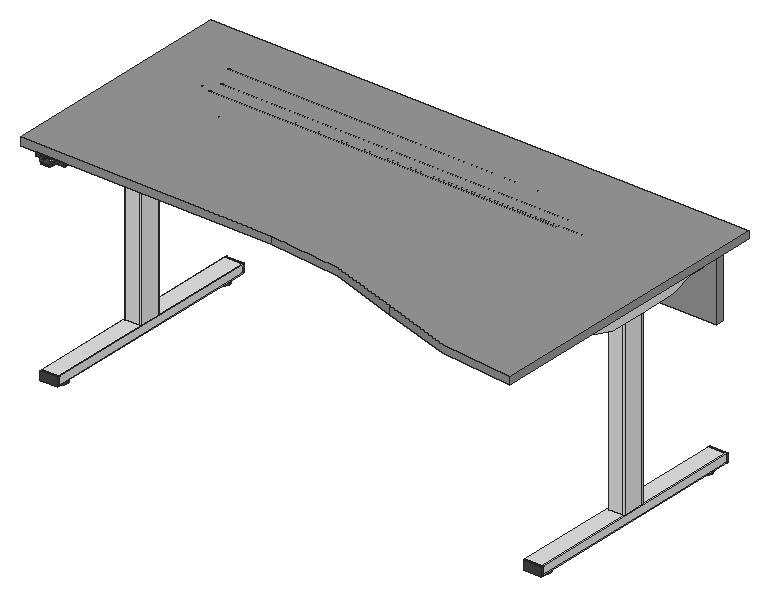
Revit family "Wave Desk - RH", category Furniture, Revit 2016
Family settings
  OmniClass Number = 23.40.20.00
  OmniClass Title = General Furniture and Specialties
  Work Plane-Based = No
  Always vertical = Yes
  Cut with Voids When Loaded = No
  Shared = No
  Room Calculation Point = No
Parameters (values of type "1800 x 800 x 1000 with Modesty Panel & Cable Tray")
  Width = 1800 mm
  URL = "www.gof.co.uk"
  Type Comments = ""
  Range = "RISE LT"
  Product Code = "HDLWR18"
  Modesty Panel Visible = yes
  Modesty Panel = "BTCPW180"
  HeightControl [instance] = if(Height < 720 mm, 720 mm, (if(Height > 1200 mm, 1200 mm, Height)))  # 727 mm
  Height [instance] = 727 mm
  Desktop = Gresham - Midnight Ash
  Model = ""
  Manufacturer = "Gresham Office Furniture"  # constant formula
  Frame = Gresham - Silver Metal
  Foot = Gresham - Black Plastic
  Cable Tray Visible = yes
  Cable Tray = "MECT18"
  Assembly Code = "E2020200"
Reference planes
  plane 1 "Center (Front/Back)": y = 0
  plane 2: z = 0
  plane 3 "Center (Left/Right)": x = 0
  plane 4: x = -900
  plane 5: x = 900
  plane 6 "Desktop Underside": z = 702
  plane 7: y = 400
  plane 8: y = -600
  plane 9 "Foot": z = 15
  plane 10: z = 727
  plane 11: x = 595.86
  plane 12: x = -595.86
  plane 13 "Control": x = 850
  plane 14: y = -400
  plane 15: x = 420
  plane 16: x = -60
  plane 17: x = -850
Forms (mm)
  Extrusion 1, solid
    sketch origin (4.14, -302, 0) x (0, 1, 0) y (0, 0, 1)
      loop
        arc (344.5, 657) -> (346.621, 657.879) -> (347.5, 660) r 3
        line (347.5, 660) -> (347.5, 699)
        arc (347.5, 699) -> (346.621, 701.121) -> (344.5, 702) r 3
        line (344.5, 702) -> (307, 702) -> (307, 700) -> (344.5, 700)
        arc (344.5, 700) -> (345.207, 699.707) -> (345.5, 699) r 1
        line (345.5, 699) -> (345.5, 660)
        arc (345.5, 660) -> (345.207, 659.293) -> (344.5, 659) r 1
        line (344.5, 659) -> (310, 659)
        arc (310, 659) -> (309.293, 659.293) -> (309, 660) r 1
        line (309, 660) -> (309, 667) -> (307, 667) -> (307, 660)
        arc (307, 660) -> (307.879, 657.879) -> (310, 657) r 3
        line (310, 657) -> (344.5, 657)
    from -600 to 591.72
  Extrusion 2, solid, material "Gresham - Midnight Ash" <- "Desktop"
    sketch origin (0, 0, 702) x (1, 0, 0) y (0, 1, 0)
      loop
        line (-900, -400) -> (-60, -400)
        arc (-60, -400) -> (185.162, -425.223) -> (420, -500) r 1200
        arc (420, -500) -> (654.838, -574.777) -> (900, -600) r 1200
        line (900, -600) -> (900, 400) -> (-900, 400) -> (-900, -400)
    from 0 to 25
Dimensions and locks
  equal spacing: plane 4, plane 3 "Center (Left/Right)", plane 5
  "Width": plane 4 to plane 5
  locked: plane 7 to plane 8 at 1000
  locked: plane 2 to plane 9 "Foot" at 15
  "HeightControl": plane 10 to level
  plane 10 to plane 6 "Desktop Underside" = 25 mm
  locked: nested 1 to plane 5 at 60
  locked: plane 7 to nested 1 at 12
  locked: nested 2 to plane 4 at 60
  locked: Extrusion 1 sketch curve to Extrusion 1 sketch curve at 41
  locked: plane 7 to nested 2 at 12
  locked: plane 11 to plane 5 at 304.14
  locked: plane 4 to plane 12 at 304.14
  locked: plane 13 "Control" to plane 5 at 50
  locked: plane 7 to plane 14 at 800
  equal spacing: plane 7, plane 1 "Center (Front/Back)", plane 14
  locked: plane 5 to plane 15 at 480
  locked: plane 15 to plane 16 at 480
  locked: plane 4 to plane 17 at 50
  locked: plane 4 to nested 4 at 87
  locked: plane 4 to nested 5 at 100
  locked: plane 6 "Desktop Underside" to nested 5 at 61.5
  locked: plane 7 to nested 5 at 53.5
  radius of Extrusion 2 sketch curve = 1200 mm  (x2)
  aligned and locked: level to plane 2
  aligned and locked: plane 11 to Extrusion 1
  aligned and locked: plane 12 to Extrusion 1
  aligned and locked: plane 6 "Desktop Underside" to nested 3
  aligned and locked: nested 3 to plane 14
  aligned and locked: Extrusion 2 sketch curve to plane 15  (x2)
  aligned and locked: Extrusion 2 sketch curve to plane 16
  aligned and locked: nested 3 to plane 17
  aligned and locked: plane 6 "Desktop Underside" to nested 4
Automatic sketch dimensions
  Extrusion 1 sketch curve to Extrusion 1 sketch curve = 0 mm  (x6)
  Extrusion 1 sketch curve to plane 6 "Desktop Underside" = 0 mm
  Extrusion 1 sketch curve to plane 1 "Center (Front/Back)" = 5 mm  (x2)
  Extrusion 1 sketch curve to plane 6 "Desktop Underside" = 2 mm
  Extrusion 1 sketch curve to Extrusion 1 sketch curve = 1 mm  (x2)
  Extrusion 1 sketch curve to Extrusion 1 sketch curve = 37.5 mm
  Extrusion 1 sketch curve to Extrusion 1 sketch curve = 34.5 mm
  Extrusion 1 sketch curve to Extrusion 1 sketch curve = 7 mm
  Extrusion 2 sketch curve to plane 4 = 0 mm
  Extrusion 2 sketch curve to plane 5 = 0 mm
  Extrusion 2 sketch curve to plane 7 = 0 mm
  Extrusion 2 sketch curve to plane 14 = 0 mm
  Extrusion 2 sketch curve to plane 8 = 0 mm
Nested families
  nested 1: "Rise LT Leg" at (5, -202, 0), Height <- "HeightControl", type "Rise LT Leg"
    with HeightControl 727 mm, Height 727 mm
  nested 2: "Rise LT Leg" at (-5, -202, 0) x (-1, 0, 0) z (0, 0, 1), Height <- "HeightControl", type "Rise LT Leg"
    with HeightControl 727 mm, Height 727 mm
  nested 3: "Controls" at (-800, -367.5, 690), type "Controls"
  nested 4: "Modesty Panel" at (0, 0, 0), type "Modesty Panel"
    with HeightControl 727 mm, Height 727 mm
  nested 5: "Cable Tray" at (0, 0, 0), Height <- "Height", type "Cable Tray"
    with HeightControl 727 mm, Height 727 mm
Definition of nested family "Rise LT Leg"
  Parameters (values of type "Rise LT Leg")
    Width = 1800 mm
    URL = "www.gof.co.uk"
    Type Comments = ""
    Range = "RISE LT"
    Product Code = ""
    Model = ""
    Manufacturer = "Gresham Office Furniture"  # constant formula
    HeightControl [instance] = if(Height < 720 mm, 720 mm, (if(Height > 1200 mm, 1200 mm, Height)))  # 727 mm
    Height [instance] = 727 mm
    Frame = none
    Foot = none
    Bung = none
    Assembly Code = "E2020200"
  Reference planes
    plane 1 "Center (Front/Back)": y = 200
    plane 2: z = 0
    plane 3 "Center (Left/Right)": x = 0
    plane 4: x = -900
    plane 5: x = 900
    plane 6 "Desktop": z = 727
    plane 7: y = 600
    plane 8: y = -200
    plane 9 "Foot": z = 15
    plane 10 "Desktop Underside": z = 702
    plane 11 "Max Height": z = 1200
    plane 12 "Max Desktop Underside": z = 1175
  Forms (mm)
    Extrusion 1, solid, material <- "Frame"
      sketch origin (0, 0, 727) x (-1, 0, 0) y (0, -1, 0)
        loop
          line (-827.511, -240) -> (-782.511, -240)
          arc (-782.511, -240) -> (-778.976, -238.536) -> (-777.511, -235) r 5
          line (-777.511, -235) -> (-777.511, -165)
          arc (-777.511, -165) -> (-778.976, -161.464) -> (-782.511, -160) r 5
          line (-782.511, -160) -> (-827.511, -160)
          arc (-827.511, -160) -> (-831.047, -161.464) -> (-832.511, -165) r 5
          line (-832.511, -165) -> (-832.511, -235)
          arc (-832.511, -235) -> (-831.047, -238.536) -> (-827.511, -240) r 5
      from -682 to -82
    Extrusion 2, solid, material <- "Frame"
      sketch origin (0, 200, 0) x (1, 0, 0) y (0, 0, 1)
        loop
          line (833, 45) -> (777, 45)
          arc (777, 45) -> (775.586, 44.414) -> (775, 43) r 2
          line (775, 43) -> (775, 17)
          arc (775, 17) -> (775.586, 15.586) -> (777, 15) r 2
          line (777, 15) -> (833, 15)
          arc (833, 15) -> (834.414, 15.586) -> (835, 17) r 2
          line (835, 17) -> (835, 43)
          arc (835, 43) -> (834.414, 44.414) -> (833, 45) r 2
      from -385 to 385
    Extrusion 3, solid, material <- "Frame"
      sketch origin (0, 200, 70) x (1, 0, 0) y (0, 0, 1)
        loop
          line (842.511, 632) -> (590.86, 632) -> (590.86, 617)
          arc (590.86, 617) -> (599.647, 595.787) -> (620.86, 587) r 30
          line (620.86, 587) -> (842.511, 587) -> (842.511, 632)
      from -47.5 to 47.5
    Extrusion 4, solid, material <- "Frame"
      sketch origin (0, 200, 70) x (1, 0, 0) y (0, 0, 1)
        loop
          line (842.511, 632) -> (842.511, 622) -> (844.511, 622) -> (844.511, 630.159) -> (860.511, 630.159) -> (860.511, 579) -> (843.693, 579) -> (843.693, 582.43) -> (841.693, 582.43) -> (841.693, 577) -> (862.511, 577) -> (862.511, 632) -> (842.511, 632)
      from -275 to 275
    Extrusion 5, void
      sketch origin (870.011, 200, 1175) x (0, 0, 1) y (0, 1, 0)
        loop
          line (-528, 0) -> (-528, 125) -> (-483, 275) -> (-473, 275) -> (-473, 333.867) -> (-576.413, 333.867) -> (-576.413, 0) -> (-576.413, -333.867) -> (-473, -333.867) -> (-473, -275) -> (-483, -275) -> (-528, -125) -> (-528, 0)
      from -29.989 to 70.011
    Extrusion 6, solid, material <- "Frame"
      sketch origin (0, 0, 727) x (-1, 0, 0) y (0, -1, 0)
        loop
          line (-827.511, -238) -> (-782.511, -238)
          arc (-782.511, -238) -> (-780.39, -237.121) -> (-779.511, -235) r 3
          line (-779.511, -235) -> (-779.511, -165)
          arc (-779.511, -165) -> (-780.39, -162.879) -> (-782.511, -162) r 3
          line (-782.511, -162) -> (-827.511, -162)
          arc (-827.511, -162) -> (-829.633, -162.879) -> (-830.511, -165) r 3
          line (-830.511, -165) -> (-830.511, -235)
          arc (-830.511, -235) -> (-829.633, -237.121) -> (-827.511, -238) r 3
      from -82 to -70
    Revolve 7, solid, material <- "Foot"
      sketch origin (0, 540, 0) x (1, 0, 0) y (0, 0, 1)
        loop
          line (804.324, 0) -> (824.324, 0) -> (814.324, 15) -> (804.324, 15) -> (804.324, 0)
        axis (804.324, 15) -> (804.324, 0)
      angle from 0 to 360
    Revolve 8, solid, material <- "Foot"
      sketch origin (0, -140, 0) x (1, 0, 0) y (0, 0, -1)
        loop
          line (804.324, 0) -> (804.324, -15) -> (814.324, -15) -> (824.324, 0) -> (804.324, 0)
        axis (804.324, -15) -> (804.324, 0)
      angle from 0 to 360
    Extrusion 9, solid, material <- "Bung"
      sketch origin (0, 201.489, 0) x (1, 0, 0) y (0, 0, 1)
        loop
          line (833, 45) -> (777, 45)
          arc (777, 45) -> (775.586, 44.414) -> (775, 43) r 2
          line (775, 43) -> (775, 17)
          arc (775, 17) -> (775.586, 15.586) -> (777, 15) r 2
          line (777, 15) -> (833, 15)
          arc (833, 15) -> (834.414, 15.586) -> (835, 17) r 2
          line (835, 17) -> (835, 43)
          arc (835, 43) -> (834.414, 44.414) -> (833, 45) r 2
      from 386.489 to 391.489
    Extrusion 10, solid, material <- "Bung"
      sketch origin (0, 198.511, 0) x (1, 0, 0) y (0, 0, -1)
        loop
          arc (833, -45) -> (834.414, -44.414) -> (835, -43) r 2
          line (835, -43) -> (835, -17)
          arc (835, -17) -> (834.414, -15.586) -> (833, -15) r 2
          line (833, -15) -> (777, -15)
          arc (777, -15) -> (775.586, -15.586) -> (775, -17) r 2
          line (775, -17) -> (775, -43)
          arc (775, -43) -> (775.586, -44.414) -> (777, -45) r 2
          line (777, -45) -> (833, -45)
      from 386.489 to 391.489
  Cuts and joins
    Extrusion 5 cuts Extrusion 4
  Dimensions and locks
    equal spacing: plane 4, plane 3 "Center (Left/Right)", plane 5
    "Width": plane 4 to plane 5
    equal spacing: plane 7, plane 1 "Center (Front/Back)", plane 8
    locked: plane 7 to plane 8 at 800
    locked: plane 9 "Foot" to level at 15
    locked: plane 6 "Desktop" to plane 10 "Desktop Underside" at 25
    locked: plane 5 to Extrusion 2 at 65
    Extrusion 3 to Extrusion 3 = 95 mm
    plane 1 "Center (Front/Back)" to Extrusion 4 = 275 mm
    equal spacing: Extrusion 4, plane 1 "Center (Front/Back)", Extrusion 4
    plane 11 "Max Height" to level = 1200 mm
    locked: Extrusion 3 sketch curve to Extrusion 3 sketch curve at 45
    locked: Extrusion 5 sketch curve to Extrusion 5 sketch curve at 103.413
    "HeightControl": plane 6 "Desktop" to level
    locked: Extrusion 1 to level at 645
    locked: Extrusion 2 to Extrusion 2 at 30
    Extrusion 2 to Revolve 7 = 45 mm
    locked: Extrusion 9 to Extrusion 9 at 5
    locked: Extrusion 5 to plane 5 at 100
    locked: Extrusion 10 to Extrusion 10 at 5
    plane 9 "Foot" to level = 15 mm
    Revolve 8 to Extrusion 9 = 45 mm
    locked: Extrusion 3 to plane 5 at 309.14
    aligned and locked: level to plane 2
    aligned and locked: Extrusion 6 to Extrusion 3
    aligned and locked: Extrusion 6 to Extrusion 1
    aligned and locked: Extrusion 2 to plane 9 "Foot"
    aligned and locked: Extrusion 1 to Extrusion 2
    aligned and locked: Extrusion 2 to Extrusion 9
    aligned and locked: Extrusion 5 to plane 5
    aligned and locked: Extrusion 2 to Extrusion 10
  Automatic sketch dimensions
    plane 1 "Center (Front/Back)" to Extrusion 1 sketch curve = 35 mm
    plane 5 to Extrusion 1 sketch curve = 67.489 mm
    Extrusion 1 sketch curve to Extrusion 1 sketch curve = 5 mm  (x3)
    Extrusion 1 sketch curve to Extrusion 1 sketch curve = 45 mm  (x2)
    Extrusion 1 sketch curve to plane 1 "Center (Front/Back)" = 35 mm
    Extrusion 2 sketch curve to plane 9 "Foot" = 0 mm
    plane 9 "Foot" to Extrusion 2 sketch curve = 2 mm  (x2)
    plane 5 to Extrusion 2 sketch curve = 125 mm
    Extrusion 2 sketch curve to Extrusion 2 sketch curve = 2 mm
    Extrusion 2 sketch curve to Extrusion 2 sketch curve = 56 mm
    Extrusion 2 sketch curve to Extrusion 2 sketch curve = 0 mm
    Extrusion 2 sketch curve to Extrusion 2 sketch curve = 26 mm
    Extrusion 3 sketch curve to plane 10 "Desktop Underside" = 0 mm
    plane 3 "Center (Left/Right)" to Extrusion 3 sketch curve = 590.86 mm
    Extrusion 3 sketch curve to Extrusion 3 sketch curve = 30 mm
    plane 5 to Extrusion 3 sketch curve = 57.489 mm
    Extrusion 4 sketch curve to plane 10 "Desktop Underside" = 0 mm
    plane 5 to Extrusion 4 sketch curve = 58.307 mm
    Extrusion 4 sketch curve to plane 10 "Desktop Underside" = 10 mm
    Extrusion 4 sketch curve to Extrusion 4 sketch curve = 0.819 mm
    Extrusion 4 sketch curve to Extrusion 4 sketch curve = 2 mm  (x4)
    Extrusion 4 sketch curve to plane 10 "Desktop Underside" = 1.841 mm
    Extrusion 4 sketch curve to Extrusion 4 sketch curve = 16 mm
    Extrusion 4 sketch curve to Extrusion 4 sketch curve = 39.57 mm
    Extrusion 4 sketch curve to Extrusion 4 sketch curve = 3.43 mm
    Extrusion 5 sketch curve to plane 1 "Center (Front/Back)" = 0 mm  (x2)
    Extrusion 5 sketch curve to plane 10 "Desktop Underside" = 0 mm  (x2)
    Extrusion 5 sketch curve to plane 10 "Desktop Underside" = 55 mm
    Extrusion 5 sketch curve to plane 10 "Desktop Underside" = 10 mm  (x2)
    Extrusion 5 sketch curve to Extrusion 5 sketch curve = 125 mm
    plane 8 to Extrusion 5 sketch curve = 125 mm
    Extrusion 5 sketch curve to Extrusion 5 sketch curve = 58.867 mm
    Extrusion 5 sketch curve to plane 1 "Center (Front/Back)" = 125 mm
    Extrusion 5 sketch curve to plane 7 = 125 mm
    Extrusion 5 sketch curve to plane 7 = 66.133 mm
    plane 1 "Center (Front/Back)" to Extrusion 6 sketch curve = 35 mm
    plane 5 to Extrusion 6 sketch curve = 69.489 mm
    Extrusion 6 sketch curve to Extrusion 6 sketch curve = 3 mm  (x3)
    Extrusion 6 sketch curve to Extrusion 6 sketch curve = 45 mm  (x2)
    Extrusion 6 sketch curve to plane 1 "Center (Front/Back)" = 35 mm
    Revolve 7 sketch curve to level = 0 mm
    Revolve 7 sketch curve to plane 9 "Foot" = 0 mm  (x2)
    plane 5 to Revolve 7 sketch curve = 95.676 mm
    Revolve 7 sketch curve to Revolve 7 sketch curve = 10 mm  (x2)
    Revolve 7 sketch curve to Revolve 7 sketch curve = 0 mm
    Revolve 7 sketch curve to Revolve 7 sketch curve = 11.548 mm
    Revolve 8 sketch curve to level = 0 mm
    Revolve 8 sketch curve to plane 9 "Foot" = 0 mm  (x2)
    plane 5 to Revolve 8 sketch curve = 95.676 mm
    Revolve 8 sketch curve to Revolve 8 sketch curve = 10 mm  (x2)
    Revolve 8 sketch curve to Revolve 8 sketch curve = 0 mm
    Revolve 8 sketch curve to Revolve 8 sketch curve = 11.548 mm
    Extrusion 9 sketch curve to plane 9 "Foot" = 0 mm
    plane 9 "Foot" to Extrusion 9 sketch curve = 28 mm
    plane 5 to Extrusion 9 sketch curve = 125 mm
    Extrusion 9 sketch curve to Extrusion 9 sketch curve = 2 mm  (x3)
    Extrusion 9 sketch curve to Extrusion 9 sketch curve = 56 mm
    Extrusion 9 sketch curve to Extrusion 9 sketch curve = 0 mm
    Extrusion 10 sketch curve to plane 9 "Foot" = 0 mm
    plane 9 "Foot" to Extrusion 10 sketch curve = 28 mm
    plane 5 to Extrusion 10 sketch curve = 125 mm
    Extrusion 10 sketch curve to Extrusion 10 sketch curve = 2 mm  (x3)
    Extrusion 10 sketch curve to Extrusion 10 sketch curve = 56 mm
    Extrusion 10 sketch curve to Extrusion 10 sketch curve = 0 mm
Definition of nested family "Controls"
  Parameters (values of type "Controls")
    URL = "www.gof.co.uk"
    Rubber Keys = none
    Range = "RANGE LT"
    Product Code = "Controls"
    Plastic Case = none
    Manufacturer = "Gresham Office Furniture"  # constant formula
  Reference planes
    plane 1 "Center (Front/Back)": y = 0
    plane 2: z = 0
    plane 3 "Center (Left/Right)": x = 0
  Forms (mm)
    Extrusion 1, solid, material <- "Plastic Case"
      sketch origin (0, 0, 0) x (1, 0, 0) y (0, 1, 0)
        loop
          arc (-45, 32.5) -> (-48.536, 31.036) -> (-50, 27.5) r 5
          line (-50, 27.5) -> (-50, -27.5)
          arc (-50, -27.5) -> (-48.536, -31.036) -> (-45, -32.5) r 5
          line (-45, -32.5) -> (45, -32.5)
          arc (45, -32.5) -> (48.536, -31.036) -> (50, -27.5) r 5
          line (50, -27.5) -> (50, 27.5)
          arc (50, 27.5) -> (48.536, 31.036) -> (45, 32.5) r 5
          line (45, 32.5) -> (-45, 32.5)
      from 0 to 12
    Sweep 2, solid, material <- "Plastic Case"
      path origin (0, 0, 2) x (0, 1, 0) y (0, 0, 1)
        loop
          line (-32.5, 6) -> (-36.392, 6)
          arc (-36.392, 6) -> (-37.474, 5.881) -> (-38.505, 5.532) r 5
          line (-38.505, 5.532) -> (-55.626, -2.452)
      profile origin (0, -34.446, 8) x (0, 0, -1) y (1, 0, 0)
        loop
          line (-4, 30) -> (-4, -30) -> (4, -30) -> (4, 30) -> (-4, 30)
    Extrusion 3, void
      sketch origin (-30, -40.195, 11.157) x (0, -0.906308, -0.422618) y (1, 0, 0)
        loop
          line (18.892, 75) -> (-7.33, 75) -> (-7.33, 60) -> (10.178, 50.091)
          arc (10.178, 50.091) -> (14.833, 46.912) -> (18.892, 43) r 33.579
          line (18.892, 43) -> (18.892, 75)
      from -13.674 to 7.77
    Extrusion 4, void
      sketch origin (30, -40.195, 11.157) x (0, -0.906308, -0.422618) y (1, 0, 0)
        loop
          line (18.892, -75) -> (18.892, -43)
          arc (18.892, -43) -> (14.833, -46.912) -> (10.178, -50.091) r 33.579
          line (10.178, -50.091) -> (-7.33, -60) -> (-7.33, -75) -> (18.892, -75)
      from -13.674 to 7.77
    Extrusion 5, solid, material <- "Rubber Keys"
      sketch origin (-30, -40.195, 11.157) x (0, -0.906308, -0.422618) y (1, 0, 0)
        loop
          line (0.281, 19.363) -> (8.531, 14.6) -> (8.531, 24.126) -> (0.281, 19.363)
        loop
          line (0.656, 35.874) -> (8.906, 40.637) -> (0.656, 45.4) -> (0.656, 35.874)
      from 0 to 1.5
  Cuts and joins
    Extrusion 3, Extrusion 4 cuts Sweep 2
  Dimensions and locks
    aligned and locked: level to plane 2
Definition of nested family "Modesty Panel"
  Parameters (values of type "Modesty Panel")
    Width = 1800 mm
    URL = "www.gof.co.uk"
    Type Comments = ""
    Range = "RISE LT"
    Product Code = ""
    Modesty Panel Visible = yes
    Modesty Panel = none
    HeightControl [instance] = if(Height < 720 mm, 720 mm, (if(Height > 1200 mm, 1200 mm, Height)))  # 727 mm
    Height [instance] = 727 mm
    Desktop = none
    Model = ""
    Manufacturer = "Gresham Office Furniture"  # constant formula
    Frame = none
    Foot = none
    Assembly Code = "E2020200"
  Reference planes
    plane 1 "Center (Front/Back)": y = 0
    plane 2: z = 0
    plane 3 "Center (Left/Right)": x = 0
    plane 4: x = -900
    plane 5: x = 900
    plane 6 "Desktop Underside": z = 702
    plane 7: y = 400
    plane 8: y = -400
    plane 9 "Foot": z = 15
    plane 10: z = 727
    plane 11 "Modesty Panel": x = -593
    plane 12: x = 593
    plane 13: z = 425
    plane 14: z = 677
    plane 15: y = 375
    plane 16: x = 568
    plane 17: x = -568
    plane 18: x = -813
    plane 19: x = 813
  Forms (mm)
    Extrusion 1, solid, material <- "Frame", visible <- "Modesty Panel Visible"
      sketch origin (-593, 43.228, 0) x (0, 1, 0) y (0, 0, 1)
        loop
          line (161.772, 702) -> (161.772, 677) -> (306.772, 677) -> (306.772, 432) -> (331.772, 432) -> (331.772, 702) -> (161.772, 702)
      from 0 to 25
    Extrusion 2, solid, material <- "Frame", visible <- "Modesty Panel Visible"
      sketch origin (593, 43.228, 0) x (0, 1, 0) y (0, 0, -1)
        loop
          line (161.772, -702) -> (331.772, -702) -> (331.772, -432) -> (306.772, -432) -> (306.772, -677) -> (161.772, -677) -> (161.772, -702)
      from 0 to 25
    Extrusion 3, solid, material <- "Modesty Panel", visible <- "Modesty Panel Visible"
      sketch origin (0, 0, 0) x (0, 1, 0) y (0, 0, 1)
        loop
          line (375, 677) -> (375, 425) -> (400, 425) -> (400, 677) -> (375, 677)
      from -813 to 813
  Dimensions and locks
    equal spacing: plane 4, plane 3 "Center (Left/Right)", plane 5
    "Width": plane 4 to plane 5
    equal spacing: plane 7, plane 1 "Center (Front/Back)", plane 8
    locked: plane 7 to plane 8 at 800
    locked: plane 2 to plane 9 "Foot" at 15
    "HeightControl": plane 10 to level
    locked: plane 10 to plane 6 "Desktop Underside" at 25
    locked: Extrusion 1 sketch curve to Extrusion 1 sketch curve at 170
    locked: Extrusion 1 sketch curve to Extrusion 1 sketch curve at 25  (x2)
    locked: Extrusion 1 sketch curve to Extrusion 1 sketch curve at 270
    locked: Extrusion 1 to Extrusion 1 at 25
    locked: plane 7 to Extrusion 1 at 25
    locked: plane 11 "Modesty Panel" to plane 4 at 307
    locked: plane 12 to plane 5 at 307
    locked: Extrusion 2 sketch curve to Extrusion 2 sketch curve at 170
    locked: Extrusion 2 sketch curve to Extrusion 2 sketch curve at 25  (x2)
    locked: Extrusion 2 sketch curve to Extrusion 2 sketch curve at 270
    locked: Extrusion 2 to Extrusion 2 at 25
    locked: Extrusion 1 to plane 13 at 7
    locked: plane 6 "Desktop Underside" to plane 14 at 25
    locked: plane 7 to plane 15 at 25
    locked: plane 16 to plane 12 at 25
    locked: plane 17 to plane 11 "Modesty Panel" at 25
    locked: plane 13 to plane 14 at 252
    locked: plane 4 to plane 18 at 87
    locked: plane 19 to plane 5 at 87
    aligned and locked: level to plane 2
    aligned and locked: plane 6 "Desktop Underside" to Extrusion 1
    aligned and locked: Extrusion 1 to plane 11 "Modesty Panel"
    aligned and locked: Extrusion 2 to plane 12
    aligned and locked: Extrusion 3 to plane 14
    aligned and locked: Extrusion 3 to plane 13
    aligned and locked: Extrusion 3 to plane 18
    aligned and locked: Extrusion 3 to plane 19
  Automatic sketch dimensions
    Extrusion 1 sketch curve to plane 6 "Desktop Underside" = 0 mm
    Extrusion 1 sketch curve to plane 7 = 195 mm
    Extrusion 2 sketch curve to plane 6 "Desktop Underside" = 0 mm
    Extrusion 2 sketch curve to plane 7 = 195 mm
    Extrusion 3 sketch curve to plane 13 = 0 mm
    Extrusion 3 sketch curve to plane 15 = 0 mm
    Extrusion 3 sketch curve to plane 7 = 0 mm
    plane 14 to Extrusion 3 sketch curve = 0 mm
Definition of nested family "Cable Tray"
  Parameters (values of type "Cable Tray")
    Width = 1800 mm
    URL = "www.gof.co.uk"
    Type Comments = ""
    Range = "RISE LT"
    Product Code = ""
    Modesty Panel = none
    HeightControl [instance] = if(Height < 720 mm, 720 mm, (if(Height > 1200 mm, 1200 mm, Height)))  # 727 mm
    Height [instance] = 727 mm
    Desktop = none
    Model = ""
    Manufacturer = "Gresham Office Furniture"  # constant formula
    Frame = none
    Foot = none
    Cable Tray Clips = none
    Cable Tray = yes
    Assembly Code = "E2020200"
  Reference planes
    plane 1 "Center (Front/Back)": y = 0
    plane 2: z = 0
    plane 3 "Center (Left/Right)": x = 0
    plane 4: x = -900
    plane 5: x = 900
    plane 6 "Desktop Underside": z = 702
    plane 7: y = 400
    plane 8: y = -400
    plane 9 "Foot": z = 15
    plane 10: z = 727
    plane 11 "Cable Tray Left": x = -800
    plane 12 "Cable Tray Right": x = 800
  Forms (mm)
    Extrusion 1, solid, material <- "Frame", visible <- "Cable Tray"
      sketch origin (0, 12.089, -4.885) x (0, 1, 0) y (0, 0, 1)
        loop
          circle (301.911, 615.385) r 1.5
        loop
          circle (251.911, 615.385) r 1.5
        loop
          circle (220.911, 645.385) r 1.5
        loop
          circle (332.911, 645.385) r 1.5
      from -800 to 800
    Sweep 2, solid, material <- "Frame", visible <- "Cable Tray"
      path in 3D
        loop
          line (0, 341.76, 640.5) -> (0, 333.661, 615.573)
          arc (0, 333.661, 615.573) -> (0, 332.571, 614.073) -> (0, 330.808, 613.5) r 3
          line (0, 330.808, 613.5) -> (0, 247.192, 613.5)
          arc (0, 247.192, 613.5) -> (0, 245.429, 614.073) -> (0, 244.339, 615.573) r 3
          line (0, 244.339, 615.573) -> (0, 236.24, 640.5)
      profile origin (0, 289, 613.5) x (0, 0, 1) y (-1, 0, 0)
        loop
          circle (0, 0) r 1.5
    Sweep 3, solid, material <- "Frame", visible <- "Cable Tray", not visible
      path in 3D
        loop
          line (0, 329.671, 645.385) -> (0, 321.572, 620.458)
          arc (0, 321.572, 620.458) -> (0, 320.482, 618.958) -> (0, 318.719, 618.385) r 3
          line (0, 318.719, 618.385) -> (0, 235.103, 618.385)
          arc (0, 235.103, 618.385) -> (0, 233.34, 618.958) -> (0, 232.25, 620.458) r 3
          line (0, 232.25, 620.458) -> (0, 224.151, 645.385)
      profile origin (0, 276.911, 618.385) x (0, 0, 1) y (-1, 0, 0)
        loop
          circle (0, 0) r 1.5
    Sweep 4, solid, material <- "Frame", visible <- "Cable Tray"
      path in 3D
        loop
          line (800, 342.073, 640.5) -> (800, 333.974, 615.573)
          arc (800, 333.974, 615.573) -> (800, 332.884, 614.073) -> (800, 331.121, 613.5) r 3
          line (800, 331.121, 613.5) -> (800, 247.505, 613.5)
          arc (800, 247.505, 613.5) -> (800, 245.742, 614.073) -> (800, 244.652, 615.573) r 3
          line (800, 244.652, 615.573) -> (800, 236.553, 640.5)
      profile origin (800, 289.313, 613.5) x (0, 0, 1) y (-1, 0, 0)
        loop
          circle (0, 0) r 1.5
    Sweep 5, solid, material <- "Frame", visible <- "Cable Tray"
      path in 3D
        loop
          line (-800, 342.073, 640.5) -> (-800, 333.974, 615.573)
          arc (-800, 333.974, 615.573) -> (-800, 332.884, 614.073) -> (-800, 331.121, 613.5) r 3
          line (-800, 331.121, 613.5) -> (-800, 247.505, 613.5)
          arc (-800, 247.505, 613.5) -> (-800, 245.742, 614.073) -> (-800, 244.652, 615.573) r 3
          line (-800, 244.652, 615.573) -> (-800, 236.553, 640.5)
      profile origin (-800, 289.313, 613.5) x (0, 0, 1) y (-1, 0, 0)
        loop
          circle (0, 0) r 1.5
    Sweep 6, solid, material <- "Frame", visible <- "Cable Tray"
      path in 3D
        loop
          line (100, 341.76, 640.5) -> (100, 333.661, 615.573)
          arc (100, 333.661, 615.573) -> (100, 332.571, 614.073) -> (100, 330.808, 613.5) r 3
          line (100, 330.808, 613.5) -> (100, 247.192, 613.5)
          arc (100, 247.192, 613.5) -> (100, 245.429, 614.073) -> (100, 244.339, 615.573) r 3
          line (100, 244.339, 615.573) -> (100, 236.24, 640.5)
      profile origin (100, 289, 613.5) x (0, 0, 1) y (-1, 0, 0)
        loop
          circle (0, 0) r 1.5
    Sweep 7, solid, material <- "Frame", visible <- "Cable Tray"
      path in 3D
        loop
          line (300, 341.76, 640.5) -> (300, 333.661, 615.573)
          arc (300, 333.661, 615.573) -> (300, 332.571, 614.073) -> (300, 330.808, 613.5) r 3
          line (300, 330.808, 613.5) -> (300, 247.192, 613.5)
          arc (300, 247.192, 613.5) -> (300, 245.429, 614.073) -> (300, 244.339, 615.573) r 3
          line (300, 244.339, 615.573) -> (300, 236.24, 640.5)
      profile origin (300, 289, 613.5) x (0, 0, 1) y (-1, 0, 0)
        loop
          circle (0, 0) r 1.5
    Sweep 8, solid, material <- "Frame", visible <- "Cable Tray"
      path in 3D
        loop
          line (400, 341.76, 640.5) -> (400, 333.661, 615.573)
          arc (400, 333.661, 615.573) -> (400, 332.571, 614.073) -> (400, 330.808, 613.5) r 3
          line (400, 330.808, 613.5) -> (400, 247.192, 613.5)
          arc (400, 247.192, 613.5) -> (400, 245.429, 614.073) -> (400, 244.339, 615.573) r 3
          line (400, 244.339, 615.573) -> (400, 236.24, 640.5)
      profile origin (400, 289, 613.5) x (0, 0, 1) y (-1, 0, 0)
        loop
          circle (0, 0) r 1.5
    Sweep 9, solid, material <- "Frame", visible <- "Cable Tray"
      path in 3D
        loop
          line (500, 341.76, 640.5) -> (500, 333.661, 615.573)
          arc (500, 333.661, 615.573) -> (500, 332.571, 614.073) -> (500, 330.808, 613.5) r 3
          line (500, 330.808, 613.5) -> (500, 247.192, 613.5)
          arc (500, 247.192, 613.5) -> (500, 245.429, 614.073) -> (500, 244.339, 615.573) r 3
          line (500, 244.339, 615.573) -> (500, 236.24, 640.5)
      profile origin (500, 289, 613.5) x (0, 0, 1) y (-1, 0, 0)
        loop
          circle (0, 0) r 1.5
    Sweep 10, solid, material <- "Frame", visible <- "Cable Tray"
      path in 3D
        loop
          line (600, 341.76, 640.5) -> (600, 333.661, 615.573)
          arc (600, 333.661, 615.573) -> (600, 332.571, 614.073) -> (600, 330.808, 613.5) r 3
          line (600, 330.808, 613.5) -> (600, 247.192, 613.5)
          arc (600, 247.192, 613.5) -> (600, 245.429, 614.073) -> (600, 244.339, 615.573) r 3
          line (600, 244.339, 615.573) -> (600, 236.24, 640.5)
      profile origin (600, 289, 613.5) x (0, 0, 1) y (-1, 0, 0)
        loop
          circle (0, 0) r 1.5
    Sweep 11, solid, material <- "Frame", visible <- "Cable Tray"
      path in 3D
        loop
          line (700, 341.76, 640.5) -> (700, 333.661, 615.573)
          arc (700, 333.661, 615.573) -> (700, 332.571, 614.073) -> (700, 330.808, 613.5) r 3
          line (700, 330.808, 613.5) -> (700, 247.192, 613.5)
          arc (700, 247.192, 613.5) -> (700, 245.429, 614.073) -> (700, 244.339, 615.573) r 3
          line (700, 244.339, 615.573) -> (700, 236.24, 640.5)
      profile origin (700, 289, 613.5) x (0, 0, 1) y (-1, 0, 0)
        loop
          circle (0, 0) r 1.5
    Sweep 12, solid, material <- "Frame", visible <- "Cable Tray"
      path in 3D
        loop
          line (200, 341.76, 640.5) -> (200, 333.661, 615.573)
          arc (200, 333.661, 615.573) -> (200, 332.571, 614.073) -> (200, 330.808, 613.5) r 3
          line (200, 330.808, 613.5) -> (200, 247.192, 613.5)
          arc (200, 247.192, 613.5) -> (200, 245.429, 614.073) -> (200, 244.339, 615.573) r 3
          line (200, 244.339, 615.573) -> (200, 236.24, 640.5)
      profile origin (200, 289, 613.5) x (0, 0, 1) y (-1, 0, 0)
        loop
          circle (0, 0) r 1.5
    Sweep 13, solid, material <- "Frame", visible <- "Cable Tray"
      path in 3D
        loop
          line (-100, 341.76, 640.5) -> (-100, 333.661, 615.573)
          arc (-100, 333.661, 615.573) -> (-100, 332.571, 614.073) -> (-100, 330.808, 613.5) r 3
          line (-100, 330.808, 613.5) -> (-100, 247.192, 613.5)
          arc (-100, 247.192, 613.5) -> (-100, 245.429, 614.073) -> (-100, 244.339, 615.573) r 3
          line (-100, 244.339, 615.573) -> (-100, 236.24, 640.5)
      profile origin (-100, 289, 613.5) x (0, 0, 1) y (-1, 0, 0)
        loop
          circle (0, 0) r 1.5
    Sweep 14, solid, material <- "Frame", visible <- "Cable Tray"
      path in 3D
        loop
          line (-300, 341.76, 640.5) -> (-300, 333.661, 615.573)
          arc (-300, 333.661, 615.573) -> (-300, 332.571, 614.073) -> (-300, 330.808, 613.5) r 3
          line (-300, 330.808, 613.5) -> (-300, 247.192, 613.5)
          arc (-300, 247.192, 613.5) -> (-300, 245.429, 614.073) -> (-300, 244.339, 615.573) r 3
          line (-300, 244.339, 615.573) -> (-300, 236.24, 640.5)
      profile origin (-300, 289, 613.5) x (0, 0, 1) y (-1, 0, 0)
        loop
          circle (0, 0) r 1.5
    Sweep 15, solid, material <- "Frame", visible <- "Cable Tray"
      path in 3D
        loop
          line (-400, 341.76, 640.5) -> (-400, 333.661, 615.573)
          arc (-400, 333.661, 615.573) -> (-400, 332.571, 614.073) -> (-400, 330.808, 613.5) r 3
          line (-400, 330.808, 613.5) -> (-400, 247.192, 613.5)
          arc (-400, 247.192, 613.5) -> (-400, 245.429, 614.073) -> (-400, 244.339, 615.573) r 3
          line (-400, 244.339, 615.573) -> (-400, 236.24, 640.5)
      profile origin (-400, 289, 613.5) x (0, 0, 1) y (-1, 0, 0)
        loop
          circle (0, 0) r 1.5
    Sweep 16, solid, material <- "Frame", visible <- "Cable Tray"
      path in 3D
        loop
          line (-500, 341.76, 640.5) -> (-500, 333.661, 615.573)
          arc (-500, 333.661, 615.573) -> (-500, 332.571, 614.073) -> (-500, 330.808, 613.5) r 3
          line (-500, 330.808, 613.5) -> (-500, 247.192, 613.5)
          arc (-500, 247.192, 613.5) -> (-500, 245.429, 614.073) -> (-500, 244.339, 615.573) r 3
          line (-500, 244.339, 615.573) -> (-500, 236.24, 640.5)
      profile origin (-500, 289, 613.5) x (0, 0, 1) y (-1, 0, 0)
        loop
          circle (0, 0) r 1.5
    Sweep 17, solid, material <- "Frame", visible <- "Cable Tray"
      path in 3D
        loop
          line (-600, 341.76, 640.5) -> (-600, 333.661, 615.573)
          arc (-600, 333.661, 615.573) -> (-600, 332.571, 614.073) -> (-600, 330.808, 613.5) r 3
          line (-600, 330.808, 613.5) -> (-600, 247.192, 613.5)
          arc (-600, 247.192, 613.5) -> (-600, 245.429, 614.073) -> (-600, 244.339, 615.573) r 3
          line (-600, 244.339, 615.573) -> (-600, 236.24, 640.5)
      profile origin (-600, 289, 613.5) x (0, 0, 1) y (-1, 0, 0)
        loop
          circle (0, 0) r 1.5
    Sweep 18, solid, material <- "Frame", visible <- "Cable Tray"
      path in 3D
        loop
          line (-700, 341.76, 640.5) -> (-700, 333.661, 615.573)
          arc (-700, 333.661, 615.573) -> (-700, 332.571, 614.073) -> (-700, 330.808, 613.5) r 3
          line (-700, 330.808, 613.5) -> (-700, 247.192, 613.5)
          arc (-700, 247.192, 613.5) -> (-700, 245.429, 614.073) -> (-700, 244.339, 615.573) r 3
          line (-700, 244.339, 615.573) -> (-700, 236.24, 640.5)
      profile origin (-700, 289, 613.5) x (0, 0, 1) y (-1, 0, 0)
        loop
          circle (0, 0) r 1.5
    Sweep 19, solid, material <- "Frame", visible <- "Cable Tray"
      path in 3D
        loop
          line (-200, 341.76, 640.5) -> (-200, 333.661, 615.573)
          arc (-200, 333.661, 615.573) -> (-200, 332.571, 614.073) -> (-200, 330.808, 613.5) r 3
          line (-200, 330.808, 613.5) -> (-200, 247.192, 613.5)
          arc (-200, 247.192, 613.5) -> (-200, 245.429, 614.073) -> (-200, 244.339, 615.573) r 3
          line (-200, 244.339, 615.573) -> (-200, 236.24, 640.5)
      profile origin (-200, 289, 613.5) x (0, 0, 1) y (-1, 0, 0)
        loop
          circle (0, 0) r 1.5
    Extrusion 20, solid, material <- "Cable Tray Clips", visible <- "Cable Tray"
      sketch origin (615, 0, 0) x (0, 1, 0) y (0, 0, 1)
        loop
          arc (346.5, 640.5) -> (345, 639) -> (343.5, 640.5) r 1.5
          line (343.5, 640.5) -> (343.5, 645.926) -> (340.5, 645.926) -> (340.5, 640.5)
          arc (340.5, 640.5) -> (345, 636) -> (349.5, 640.5) r 4.5
          line (349.5, 640.5) -> (349.5, 677.5)
          arc (349.5, 677.5) -> (348.692, 680.415) -> (346.5, 682.5) r 5.667
          arc (346.5, 682.5) -> (322.774, 690.464) -> (297.984, 693.899) r 134.615
          line (297.984, 693.899) -> (297.984, 697) -> (303.984, 697) -> (303.984, 702) -> (279.984, 702) -> (279.984, 697) -> (285.984, 697) -> (285.984, 693.899)
          arc (285.984, 693.899) -> (261.193, 690.464) -> (237.467, 682.5) r 134.615
          arc (237.467, 682.5) -> (235.275, 680.415) -> (234.435, 677.5) r 5.667
          line (234.435, 677.5) -> (234.435, 670.5)
          arc (234.435, 670.5) -> (232.935, 669) -> (231.435, 670.5) r 1.5
          line (231.435, 670.5) -> (231.435, 675.5) -> (228.435, 675.5) -> (228.435, 670.5)
          arc (228.435, 670.5) -> (230.365, 666.806) -> (234.5, 666.281) r 4.5
          line (234.5, 666.281) -> (234.5, 640.5)
          arc (234.5, 640.5) -> (233, 639) -> (231.5, 640.5) r 1.5
          line (231.5, 640.5) -> (231.5, 645.5) -> (228.5, 645.5) -> (228.5, 640.5)
          arc (228.5, 640.5) -> (233, 636) -> (237.5, 640.5) r 4.5
          line (237.5, 640.5) -> (237.5, 677.793)
          arc (237.5, 677.793) -> (237.882, 679.174) -> (238.92, 680.161) r 2.683
          arc (238.92, 680.161) -> (291.984, 691.033) -> (345.047, 680.161) r 134.926
          arc (345.047, 680.161) -> (346.085, 679.174) -> (346.467, 677.793) r 2.683
          line (346.467, 677.793) -> (346.467, 670.5)
          arc (346.467, 670.5) -> (344.951, 668.984) -> (343.435, 670.5) r 1.516
          line (343.435, 670.5) -> (343.435, 675.5) -> (340.435, 675.5) -> (340.435, 670.5)
          arc (340.435, 670.5) -> (342.365, 666.806) -> (346.5, 666.281) r 4.5
          line (346.5, 666.281) -> (346.5, 640.5)
      from 0 to 25
    Extrusion 21, solid, material <- "Cable Tray Clips", visible <- "Cable Tray"
      sketch origin (-615, 0, 0) x (0, 1, 0) y (0, 0, -1)
        loop
          line (346.5, -640.5) -> (346.5, -666.281)
          arc (346.5, -666.281) -> (342.365, -666.806) -> (340.435, -670.5) r 4.5
          line (340.435, -670.5) -> (340.435, -675.5) -> (343.435, -675.5) -> (343.435, -670.5)
          arc (343.435, -670.5) -> (344.951, -668.984) -> (346.467, -670.5) r 1.516
          line (346.467, -670.5) -> (346.467, -677.793)
          arc (346.467, -677.793) -> (346.085, -679.174) -> (345.047, -680.161) r 2.683
          arc (345.047, -680.161) -> (291.984, -691.033) -> (238.92, -680.161) r 134.926
          arc (238.92, -680.161) -> (237.882, -679.174) -> (237.5, -677.793) r 2.683
          line (237.5, -677.793) -> (237.5, -640.5)
          arc (237.5, -640.5) -> (233, -636) -> (228.5, -640.5) r 4.5
          line (228.5, -640.5) -> (228.5, -645.5) -> (231.5, -645.5) -> (231.5, -640.5)
          arc (231.5, -640.5) -> (233, -639) -> (234.5, -640.5) r 1.5
          line (234.5, -640.5) -> (234.5, -666.281)
          arc (234.5, -666.281) -> (230.365, -666.806) -> (228.435, -670.5) r 4.5
          line (228.435, -670.5) -> (228.435, -675.5) -> (231.435, -675.5) -> (231.435, -670.5)
          arc (231.435, -670.5) -> (232.935, -669) -> (234.435, -670.5) r 1.5
          line (234.435, -670.5) -> (234.435, -677.5)
          arc (234.435, -677.5) -> (235.275, -680.415) -> (237.467, -682.5) r 5.667
          arc (237.467, -682.5) -> (261.193, -690.464) -> (285.984, -693.899) r 134.615
          line (285.984, -693.899) -> (285.984, -697) -> (279.984, -697) -> (279.984, -702) -> (303.984, -702) -> (303.984, -697) -> (297.984, -697) -> (297.984, -693.899)
          arc (297.984, -693.899) -> (322.774, -690.464) -> (346.5, -682.5) r 134.615
          arc (346.5, -682.5) -> (348.692, -680.415) -> (349.5, -677.5) r 5.667
          line (349.5, -677.5) -> (349.5, -640.5)
          arc (349.5, -640.5) -> (345, -636) -> (340.5, -640.5) r 4.5
          line (340.5, -640.5) -> (340.5, -645.926) -> (343.5, -645.926) -> (343.5, -640.5)
          arc (343.5, -640.5) -> (345, -639) -> (346.5, -640.5) r 1.5
      from 0 to 25
  Lines and regions (mm)
    model lines, not visible
      curve 1: arc (0, 315.5, 610.5) -> (0, 314, 612) -> (0, 312.5, 610.5) r 1.5
      curve 2: arc (0, 265.5, 610.5) -> (0, 264, 612) -> (0, 262.5, 610.5) r 1.5
      curve 3: line (0, 330.808, 613.5) -> (0, 247.192, 613.5)
      curve 4: line (0, 244.339, 615.573) -> (0, 236.24, 640.5)
      curve 5: arc (0, 247.192, 613.5) -> (0, 245.429, 614.073) -> (0, 244.339, 615.573) r 3
      curve 6: line (0, 333.661, 615.573) -> (0, 341.76, 640.5)
      curve 7: arc (0, 330.808, 613.5) -> (0, 332.571, 614.073) -> (0, 333.661, 615.573) r 3
      curve 13: arc (0, 303.411, 615.385) -> (0, 301.911, 616.885) -> (0, 300.411, 615.385) r 1.5
      curve 14: arc (0, 253.411, 615.385) -> (0, 251.911, 616.885) -> (0, 250.411, 615.385) r 1.5
      curve 15: line (0, 318.719, 618.385) -> (0, 235.103, 618.385)
      curve 16: line (0, 232.25, 620.458) -> (0, 224.151, 645.385)
      curve 17: arc (0, 235.103, 618.385) -> (0, 233.34, 618.958) -> (0, 232.25, 620.458) r 3
      curve 18: line (0, 321.572, 620.458) -> (0, 329.671, 645.385)
      curve 19: arc (0, 318.719, 618.385) -> (0, 320.482, 618.958) -> (0, 321.572, 620.458) r 3
      curve 25: arc (800, 315.813, 610.5) -> (800, 314.313, 612) -> (800, 312.813, 610.5) r 1.5
      curve 26: arc (800, 265.813, 610.5) -> (800, 264.313, 612) -> (800, 262.813, 610.5) r 1.5
      curve 27: line (800, 331.121, 613.5) -> (800, 247.505, 613.5)
      curve 28: line (800, 244.652, 615.573) -> (800, 236.553, 640.5)
      curve 29: arc (800, 247.505, 613.5) -> (800, 245.742, 614.073) -> (800, 244.652, 615.573) r 3
      curve 30: line (800, 333.974, 615.573) -> (800, 342.073, 640.5)
      curve 31: arc (800, 331.121, 613.5) -> (800, 332.884, 614.073) -> (800, 333.974, 615.573) r 3
      curve 37: arc (-800, 315.813, 610.5) -> (-800, 314.313, 612) -> (-800, 312.813, 610.5) r 1.5
      curve 38: arc (-800, 265.813, 610.5) -> (-800, 264.313, 612) -> (-800, 262.813, 610.5) r 1.5
      curve 39: line (-800, 331.121, 613.5) -> (-800, 247.505, 613.5)
      curve 40: line (-800, 244.652, 615.573) -> (-800, 236.553, 640.5)
      curve 41: arc (-800, 247.505, 613.5) -> (-800, 245.742, 614.073) -> (-800, 244.652, 615.573) r 3
      curve 42: line (-800, 333.974, 615.573) -> (-800, 342.073, 640.5)
      curve 43: arc (-800, 331.121, 613.5) -> (-800, 332.884, 614.073) -> (-800, 333.974, 615.573) r 3
      curve 49: arc (100, 315.5, 610.5) -> (100, 314, 612) -> (100, 312.5, 610.5) r 1.5
      curve 50: arc (100, 265.5, 610.5) -> (100, 264, 612) -> (100, 262.5, 610.5) r 1.5
      curve 51: line (100, 330.808, 613.5) -> (100, 247.192, 613.5)
      curve 52: line (100, 244.339, 615.573) -> (100, 236.24, 640.5)
      curve 53: arc (100, 247.192, 613.5) -> (100, 245.429, 614.073) -> (100, 244.339, 615.573) r 3
      curve 54: line (100, 333.661, 615.573) -> (100, 341.76, 640.5)
      curve 55: arc (100, 330.808, 613.5) -> (100, 332.571, 614.073) -> (100, 333.661, 615.573) r 3
      curve 61: arc (300, 315.5, 610.5) -> (300, 314, 612) -> (300, 312.5, 610.5) r 1.5
      curve 62: arc (300, 265.5, 610.5) -> (300, 264, 612) -> (300, 262.5, 610.5) r 1.5
      curve 63: line (300, 330.808, 613.5) -> (300, 247.192, 613.5)
      curve 64: line (300, 244.339, 615.573) -> (300, 236.24, 640.5)
      curve 65: arc (300, 247.192, 613.5) -> (300, 245.429, 614.073) -> (300, 244.339, 615.573) r 3
      curve 66: line (300, 333.661, 615.573) -> (300, 341.76, 640.5)
      curve 67: arc (300, 330.808, 613.5) -> (300, 332.571, 614.073) -> (300, 333.661, 615.573) r 3
      curve 73: arc (400, 315.5, 610.5) -> (400, 314, 612) -> (400, 312.5, 610.5) r 1.5
      curve 74: arc (400, 265.5, 610.5) -> (400, 264, 612) -> (400, 262.5, 610.5) r 1.5
      curve 75: line (400, 330.808, 613.5) -> (400, 247.192, 613.5)
      curve 76: line (400, 244.339, 615.573) -> (400, 236.24, 640.5)
      curve 77: arc (400, 247.192, 613.5) -> (400, 245.429, 614.073) -> (400, 244.339, 615.573) r 3
      curve 78: line (400, 333.661, 615.573) -> (400, 341.76, 640.5)
      curve 79: arc (400, 330.808, 613.5) -> (400, 332.571, 614.073) -> (400, 333.661, 615.573) r 3
      curve 85: arc (500, 315.5, 610.5) -> (500, 314, 612) -> (500, 312.5, 610.5) r 1.5
      curve 86: arc (500, 265.5, 610.5) -> (500, 264, 612) -> (500, 262.5, 610.5) r 1.5
      curve 87: line (500, 330.808, 613.5) -> (500, 247.192, 613.5)
      curve 88: line (500, 244.339, 615.573) -> (500, 236.24, 640.5)
      curve 89: arc (500, 247.192, 613.5) -> (500, 245.429, 614.073) -> (500, 244.339, 615.573) r 3
      curve 90: line (500, 333.661, 615.573) -> (500, 341.76, 640.5)
      curve 91: arc (500, 330.808, 613.5) -> (500, 332.571, 614.073) -> (500, 333.661, 615.573) r 3
      curve 97: arc (600, 315.5, 610.5) -> (600, 314, 612) -> (600, 312.5, 610.5) r 1.5
      curve 98: arc (600, 265.5, 610.5) -> (600, 264, 612) -> (600, 262.5, 610.5) r 1.5
      curve 99: line (600, 330.808, 613.5) -> (600, 247.192, 613.5)
      curve 100: line (600, 244.339, 615.573) -> (600, 236.24, 640.5)
      curve 101: arc (600, 247.192, 613.5) -> (600, 245.429, 614.073) -> (600, 244.339, 615.573) r 3
      curve 102: line (600, 333.661, 615.573) -> (600, 341.76, 640.5)
      curve 103: arc (600, 330.808, 613.5) -> (600, 332.571, 614.073) -> (600, 333.661, 615.573) r 3
      curve 109: arc (700, 315.5, 610.5) -> (700, 314, 612) -> (700, 312.5, 610.5) r 1.5
      curve 110: arc (700, 265.5, 610.5) -> (700, 264, 612) -> (700, 262.5, 610.5) r 1.5
      curve 111: line (700, 330.808, 613.5) -> (700, 247.192, 613.5)
      curve 112: line (700, 244.339, 615.573) -> (700, 236.24, 640.5)
      curve 113: arc (700, 247.192, 613.5) -> (700, 245.429, 614.073) -> (700, 244.339, 615.573) r 3
      curve 114: line (700, 333.661, 615.573) -> (700, 341.76, 640.5)
      curve 115: arc (700, 330.808, 613.5) -> (700, 332.571, 614.073) -> (700, 333.661, 615.573) r 3
      curve 121: arc (200, 315.5, 610.5) -> (200, 314, 612) -> (200, 312.5, 610.5) r 1.5
      curve 122: arc (200, 265.5, 610.5) -> (200, 264, 612) -> (200, 262.5, 610.5) r 1.5
      curve 123: line (200, 330.808, 613.5) -> (200, 247.192, 613.5)
      curve 124: line (200, 244.339, 615.573) -> (200, 236.24, 640.5)
      curve 125: arc (200, 247.192, 613.5) -> (200, 245.429, 614.073) -> (200, 244.339, 615.573) r 3
      curve 126: line (200, 333.661, 615.573) -> (200, 341.76, 640.5)
      curve 127: arc (200, 330.808, 613.5) -> (200, 332.571, 614.073) -> (200, 333.661, 615.573) r 3
      curve 133: arc (-100, 315.5, 610.5) -> (-100, 314, 612) -> (-100, 312.5, 610.5) r 1.5
      curve 134: arc (-100, 265.5, 610.5) -> (-100, 264, 612) -> (-100, 262.5, 610.5) r 1.5
      curve 135: line (-100, 330.808, 613.5) -> (-100, 247.192, 613.5)
      curve 136: line (-100, 244.339, 615.573) -> (-100, 236.24, 640.5)
      curve 137: arc (-100, 247.192, 613.5) -> (-100, 245.429, 614.073) -> (-100, 244.339, 615.573) r 3
      curve 138: line (-100, 333.661, 615.573) -> (-100, 341.76, 640.5)
      curve 139: arc (-100, 330.808, 613.5) -> (-100, 332.571, 614.073) -> (-100, 333.661, 615.573) r 3
      curve 145: arc (-300, 315.5, 610.5) -> (-300, 314, 612) -> (-300, 312.5, 610.5) r 1.5
      curve 146: arc (-300, 265.5, 610.5) -> (-300, 264, 612) -> (-300, 262.5, 610.5) r 1.5
      curve 147: line (-300, 330.808, 613.5) -> (-300, 247.192, 613.5)
      curve 148: line (-300, 244.339, 615.573) -> (-300, 236.24, 640.5)
      curve 149: arc (-300, 247.192, 613.5) -> (-300, 245.429, 614.073) -> (-300, 244.339, 615.573) r 3
      curve 150: line (-300, 333.661, 615.573) -> (-300, 341.76, 640.5)
      curve 151: arc (-300, 330.808, 613.5) -> (-300, 332.571, 614.073) -> (-300, 333.661, 615.573) r 3
      curve 157: arc (-400, 315.5, 610.5) -> (-400, 314, 612) -> (-400, 312.5, 610.5) r 1.5
      curve 158: arc (-400, 265.5, 610.5) -> (-400, 264, 612) -> (-400, 262.5, 610.5) r 1.5
      curve 159: line (-400, 330.808, 613.5) -> (-400, 247.192, 613.5)
      curve 160: line (-400, 244.339, 615.573) -> (-400, 236.24, 640.5)
      curve 161: arc (-400, 247.192, 613.5) -> (-400, 245.429, 614.073) -> (-400, 244.339, 615.573) r 3
      curve 162: line (-400, 333.661, 615.573) -> (-400, 341.76, 640.5)
      curve 163: arc (-400, 330.808, 613.5) -> (-400, 332.571, 614.073) -> (-400, 333.661, 615.573) r 3
      curve 169: arc (-500, 315.5, 610.5) -> (-500, 314, 612) -> (-500, 312.5, 610.5) r 1.5
      curve 170: arc (-500, 265.5, 610.5) -> (-500, 264, 612) -> (-500, 262.5, 610.5) r 1.5
      curve 171: line (-500, 330.808, 613.5) -> (-500, 247.192, 613.5)
      curve 172: line (-500, 244.339, 615.573) -> (-500, 236.24, 640.5)
      curve 173: arc (-500, 247.192, 613.5) -> (-500, 245.429, 614.073) -> (-500, 244.339, 615.573) r 3
      curve 174: line (-500, 333.661, 615.573) -> (-500, 341.76, 640.5)
      curve 175: arc (-500, 330.808, 613.5) -> (-500, 332.571, 614.073) -> (-500, 333.661, 615.573) r 3
      curve 181: arc (-600, 315.5, 610.5) -> (-600, 314, 612) -> (-600, 312.5, 610.5) r 1.5
      curve 182: arc (-600, 265.5, 610.5) -> (-600, 264, 612) -> (-600, 262.5, 610.5) r 1.5
      curve 183: line (-600, 330.808, 613.5) -> (-600, 247.192, 613.5)
      curve 184: line (-600, 244.339, 615.573) -> (-600, 236.24, 640.5)
      curve 185: arc (-600, 247.192, 613.5) -> (-600, 245.429, 614.073) -> (-600, 244.339, 615.573) r 3
      curve 186: line (-600, 333.661, 615.573) -> (-600, 341.76, 640.5)
      curve 187: arc (-600, 330.808, 613.5) -> (-600, 332.571, 614.073) -> (-600, 333.661, 615.573) r 3
      curve 193: arc (-700, 315.5, 610.5) -> (-700, 314, 612) -> (-700, 312.5, 610.5) r 1.5
      curve 194: arc (-700, 265.5, 610.5) -> (-700, 264, 612) -> (-700, 262.5, 610.5) r 1.5
      curve 195: line (-700, 330.808, 613.5) -> (-700, 247.192, 613.5)
      curve 196: line (-700, 244.339, 615.573) -> (-700, 236.24, 640.5)
      curve 197: arc (-700, 247.192, 613.5) -> (-700, 245.429, 614.073) -> (-700, 244.339, 615.573) r 3
      curve 198: line (-700, 333.661, 615.573) -> (-700, 341.76, 640.5)
      curve 199: arc (-700, 330.808, 613.5) -> (-700, 332.571, 614.073) -> (-700, 333.661, 615.573) r 3
      curve 205: arc (-200, 315.5, 610.5) -> (-200, 314, 612) -> (-200, 312.5, 610.5) r 1.5
      curve 206: arc (-200, 265.5, 610.5) -> (-200, 264, 612) -> (-200, 262.5, 610.5) r 1.5
      curve 207: line (-200, 330.808, 613.5) -> (-200, 247.192, 613.5)
      curve 208: line (-200, 244.339, 615.573) -> (-200, 236.24, 640.5)
      curve 209: arc (-200, 247.192, 613.5) -> (-200, 245.429, 614.073) -> (-200, 244.339, 615.573) r 3
      curve 210: line (-200, 333.661, 615.573) -> (-200, 341.76, 640.5)
      curve 211: arc (-200, 330.808, 613.5) -> (-200, 332.571, 614.073) -> (-200, 333.661, 615.573) r 3
    sketch lines
      curve 8: line (0, 330.808, 613.5) -> (0, 247.192, 613.5)
      curve 9: arc (0, 247.192, 613.5) -> (0, 245.429, 614.073) -> (0, 244.339, 615.573) r 3
      curve 10: line (0, 244.339, 615.573) -> (0, 236.24, 640.5)
      curve 11: line (0, 333.661, 615.573) -> (0, 341.76, 640.5)
      curve 12: arc (0, 330.808, 613.5) -> (0, 332.571, 614.073) -> (0, 333.661, 615.573) r 3
      curve 32: line (800, 331.121, 613.5) -> (800, 247.505, 613.5)
      curve 33: arc (800, 247.505, 613.5) -> (800, 245.742, 614.073) -> (800, 244.652, 615.573) r 3
      curve 34: line (800, 244.652, 615.573) -> (800, 236.553, 640.5)
      curve 35: line (800, 333.974, 615.573) -> (800, 342.073, 640.5)
      curve 36: arc (800, 331.121, 613.5) -> (800, 332.884, 614.073) -> (800, 333.974, 615.573) r 3
      curve 44: line (-800, 331.121, 613.5) -> (-800, 247.505, 613.5)
      curve 45: arc (-800, 247.505, 613.5) -> (-800, 245.742, 614.073) -> (-800, 244.652, 615.573) r 3
      curve 46: line (-800, 244.652, 615.573) -> (-800, 236.553, 640.5)
      curve 47: line (-800, 333.974, 615.573) -> (-800, 342.073, 640.5)
      curve 48: arc (-800, 331.121, 613.5) -> (-800, 332.884, 614.073) -> (-800, 333.974, 615.573) r 3
      curve 56: line (100, 330.808, 613.5) -> (100, 247.192, 613.5)
      curve 57: arc (100, 247.192, 613.5) -> (100, 245.429, 614.073) -> (100, 244.339, 615.573) r 3
      curve 58: line (100, 244.339, 615.573) -> (100, 236.24, 640.5)
      curve 59: line (100, 333.661, 615.573) -> (100, 341.76, 640.5)
      curve 60: arc (100, 330.808, 613.5) -> (100, 332.571, 614.073) -> (100, 333.661, 615.573) r 3
      curve 68: line (300, 330.808, 613.5) -> (300, 247.192, 613.5)
      curve 69: arc (300, 247.192, 613.5) -> (300, 245.429, 614.073) -> (300, 244.339, 615.573) r 3
      curve 70: line (300, 244.339, 615.573) -> (300, 236.24, 640.5)
      curve 71: line (300, 333.661, 615.573) -> (300, 341.76, 640.5)
      curve 72: arc (300, 330.808, 613.5) -> (300, 332.571, 614.073) -> (300, 333.661, 615.573) r 3
      curve 80: line (400, 330.808, 613.5) -> (400, 247.192, 613.5)
      curve 81: arc (400, 247.192, 613.5) -> (400, 245.429, 614.073) -> (400, 244.339, 615.573) r 3
      curve 82: line (400, 244.339, 615.573) -> (400, 236.24, 640.5)
      curve 83: line (400, 333.661, 615.573) -> (400, 341.76, 640.5)
      curve 84: arc (400, 330.808, 613.5) -> (400, 332.571, 614.073) -> (400, 333.661, 615.573) r 3
      curve 92: line (500, 330.808, 613.5) -> (500, 247.192, 613.5)
      curve 93: arc (500, 247.192, 613.5) -> (500, 245.429, 614.073) -> (500, 244.339, 615.573) r 3
      curve 94: line (500, 244.339, 615.573) -> (500, 236.24, 640.5)
      curve 95: line (500, 333.661, 615.573) -> (500, 341.76, 640.5)
      curve 96: arc (500, 330.808, 613.5) -> (500, 332.571, 614.073) -> (500, 333.661, 615.573) r 3
      curve 104: line (600, 330.808, 613.5) -> (600, 247.192, 613.5)
      curve 105: arc (600, 247.192, 613.5) -> (600, 245.429, 614.073) -> (600, 244.339, 615.573) r 3
      curve 106: line (600, 244.339, 615.573) -> (600, 236.24, 640.5)
      curve 107: line (600, 333.661, 615.573) -> (600, 341.76, 640.5)
      curve 108: arc (600, 330.808, 613.5) -> (600, 332.571, 614.073) -> (600, 333.661, 615.573) r 3
      curve 116: line (700, 330.808, 613.5) -> (700, 247.192, 613.5)
      curve 117: arc (700, 247.192, 613.5) -> (700, 245.429, 614.073) -> (700, 244.339, 615.573) r 3
      curve 118: line (700, 244.339, 615.573) -> (700, 236.24, 640.5)
      curve 119: line (700, 333.661, 615.573) -> (700, 341.76, 640.5)
      curve 120: arc (700, 330.808, 613.5) -> (700, 332.571, 614.073) -> (700, 333.661, 615.573) r 3
      curve 128: line (200, 330.808, 613.5) -> (200, 247.192, 613.5)
      curve 129: arc (200, 247.192, 613.5) -> (200, 245.429, 614.073) -> (200, 244.339, 615.573) r 3
      curve 130: line (200, 244.339, 615.573) -> (200, 236.24, 640.5)
      curve 131: line (200, 333.661, 615.573) -> (200, 341.76, 640.5)
      curve 132: arc (200, 330.808, 613.5) -> (200, 332.571, 614.073) -> (200, 333.661, 615.573) r 3
      curve 140: line (-100, 330.808, 613.5) -> (-100, 247.192, 613.5)
      curve 141: arc (-100, 247.192, 613.5) -> (-100, 245.429, 614.073) -> (-100, 244.339, 615.573) r 3
      curve 142: line (-100, 244.339, 615.573) -> (-100, 236.24, 640.5)
      curve 143: line (-100, 333.661, 615.573) -> (-100, 341.76, 640.5)
      curve 144: arc (-100, 330.808, 613.5) -> (-100, 332.571, 614.073) -> (-100, 333.661, 615.573) r 3
      curve 152: line (-300, 330.808, 613.5) -> (-300, 247.192, 613.5)
      curve 153: arc (-300, 247.192, 613.5) -> (-300, 245.429, 614.073) -> (-300, 244.339, 615.573) r 3
      curve 154: line (-300, 244.339, 615.573) -> (-300, 236.24, 640.5)
      curve 155: line (-300, 333.661, 615.573) -> (-300, 341.76, 640.5)
      curve 156: arc (-300, 330.808, 613.5) -> (-300, 332.571, 614.073) -> (-300, 333.661, 615.573) r 3
      curve 164: line (-400, 330.808, 613.5) -> (-400, 247.192, 613.5)
      curve 165: arc (-400, 247.192, 613.5) -> (-400, 245.429, 614.073) -> (-400, 244.339, 615.573) r 3
      curve 166: line (-400, 244.339, 615.573) -> (-400, 236.24, 640.5)
      curve 167: line (-400, 333.661, 615.573) -> (-400, 341.76, 640.5)
      curve 168: arc (-400, 330.808, 613.5) -> (-400, 332.571, 614.073) -> (-400, 333.661, 615.573) r 3
      curve 176: line (-500, 330.808, 613.5) -> (-500, 247.192, 613.5)
      curve 177: arc (-500, 247.192, 613.5) -> (-500, 245.429, 614.073) -> (-500, 244.339, 615.573) r 3
      curve 178: line (-500, 244.339, 615.573) -> (-500, 236.24, 640.5)
      curve 179: line (-500, 333.661, 615.573) -> (-500, 341.76, 640.5)
      curve 180: arc (-500, 330.808, 613.5) -> (-500, 332.571, 614.073) -> (-500, 333.661, 615.573) r 3
      curve 188: line (-600, 330.808, 613.5) -> (-600, 247.192, 613.5)
      curve 189: arc (-600, 247.192, 613.5) -> (-600, 245.429, 614.073) -> (-600, 244.339, 615.573) r 3
      curve 190: line (-600, 244.339, 615.573) -> (-600, 236.24, 640.5)
      curve 191: line (-600, 333.661, 615.573) -> (-600, 341.76, 640.5)
      curve 192: arc (-600, 330.808, 613.5) -> (-600, 332.571, 614.073) -> (-600, 333.661, 615.573) r 3
      curve 200: line (-700, 330.808, 613.5) -> (-700, 247.192, 613.5)
      curve 201: arc (-700, 247.192, 613.5) -> (-700, 245.429, 614.073) -> (-700, 244.339, 615.573) r 3
      curve 202: line (-700, 244.339, 615.573) -> (-700, 236.24, 640.5)
      curve 203: line (-700, 333.661, 615.573) -> (-700, 341.76, 640.5)
      curve 204: arc (-700, 330.808, 613.5) -> (-700, 332.571, 614.073) -> (-700, 333.661, 615.573) r 3
